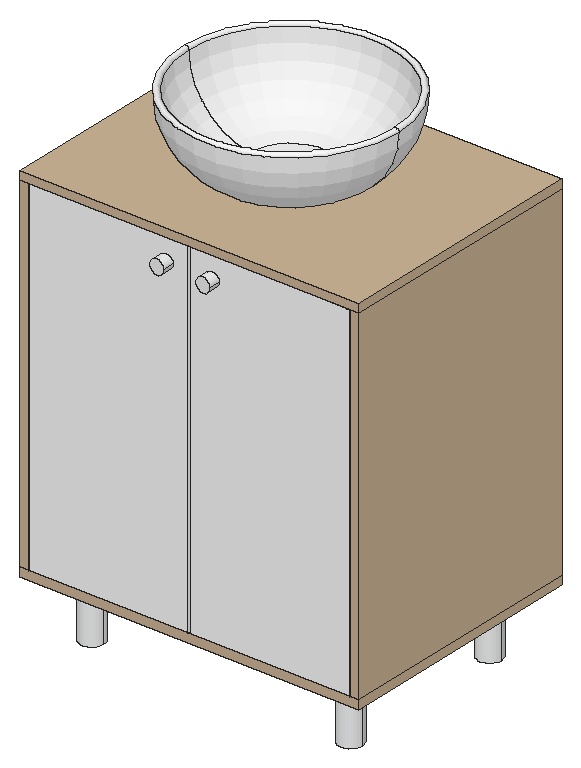
Revit family "147006811_Mueble Vital Vessel 60 cm a Piso con Lavamanos", category Furniture, Revit 2019
Family settings
  OmniClass Number = 23.31.13.11
  OmniClass Title = Single Sinks
  Work Plane-Based = No
  Always vertical = Yes
  Cut with Voids When Loaded = No
  Shared = No
  Room Calculation Point = No
Parameters
  URL = "https://corona.co/productos/muebles-para-banos/mueble-vital-vessel-60-cm-a-piso-con-lavamanos/p/147006811"
  Resistencia al rayado = "700 ciclos."  # constant formula
  Resistencia a la humedad = "8%."  # constant formula
  Peso Neto aprox = "39,2 lb (17,8 kg)."  # constant formula
  Peso Bruto aprox = "41,0 lb (18,6 kg)."  # constant formula
  Model = "Vital Vessel 60"  # constant formula
  Material = Corona_Madera_Aglomerada_Miel
  Manufacturer = "Corona"  # constant formula
  Manija = Corona_Aluminio
  Longitud = 450 mm
  Garantía Herraje = "1 Años"  # constant formula
  Garantía = "5 Años de garantia (Madera)"  # constant formula
  Fecha de creación = "30/07/2020"  # constant formula
  Description = "Mueble Vital con lavamanos Tipo Vessel a piso con diseño retro que combina\r\nmateriales, colores y texturas para dar armonía a tu baño.\r\n· Repisa Interna para mayor orden y almacenamiento.\r\n· Incluye patas niveladoras que por medio de giros permiten adaptar el\r\nmueble a las superficies no uniformes.\r\n· Resistentes a la humedad\r\n· Compatible con diferentes lavamanos tipo Vessel."  # constant formula
  Creado por = "IDD"  # constant formula
  Ancho = 600 mm
  Alto = 750 mm
  Acabado = Corona_Madera_Blanco
Reference planes
  plane 1 "Center (Front/Back)": y = 0
  plane 2: z = 0
  plane 3 "Center (Left/Right)": x = 0
  plane 4 "Center L/S": x = 300
  plane 5 "Center L/T": x = -300
  plane 6 "Center L/U": y = -450
  plane 7: z = 750
  plane 8: z = 121
  plane 9: z = 735
  plane 10: z = 106
  plane 11 "Center L/V": x = -285
  plane 12 "Center L/W": x = 285
  plane 13 "Center L/X": x = -2
  plane 14 "Center L/Y": x = 2
  plane 15 "Center L/Z": y = -435
  plane 16 "Center L/BB": y = -15
  plane 17 "Center L/CC": y = -225
  plane 18: z = 550
  plane 19: z = 450
Forms (mm)
  Extrusion 1, solid, material "Corona_Madera_Aglomerada_Miel" <- "Material", detail levels medium+fine
    sketch origin (0, 0, 0) x (1, 0, 0) y (0, 1, 0)
      loop
        line (-300, 0) -> (-300, -450) -> (-285, -450) -> (-285, 0) -> (-300, 0)
    from 121 to 735
  Extrusion 2, solid, material "Corona_Madera_Aglomerada_Miel" <- "Material", detail levels medium+fine
    sketch origin (0, 0, 0) x (1, 0, 0) y (0, 1, 0)
      loop
        line (-300, 0) -> (-300, -450) -> (300, -450) -> (300, 0) -> (-300, 0)
      loop
        circle (0, -225) r 50
    from 735 to 750
  Extrusion 3, solid, material "Corona_Madera_Aglomerada_Miel" <- "Material", detail levels medium+fine
    sketch origin (0, 0, 0) x (-1, 0, 0) y (0, -1, 0)
      loop
        line (-300, 0) -> (-285, 0) -> (-285, 450) -> (-300, 450) -> (-300, 0)
    from 121 to 735
  Extrusion 4, solid, material "Corona_Madera_Aglomerada_Miel" <- "Material", detail levels medium+fine
    sketch origin (0, 0, 0) x (1, 0, 0) y (0, 1, 0)
      loop
        line (-300, 0) -> (-300, -450) -> (300, -450) -> (300, 0) -> (-300, 0)
    from 106 to 121
  Extrusion 5, solid, material "Corona_Madera_Blanco" <- "Acabado", detail levels medium+fine
    sketch origin (0, 0, 0) x (1, 0, 0) y (0, 0, 1)
      loop
        line (-285, 735) -> (-285, 121) -> (-2, 121) -> (-2, 735) -> (-285, 735)
      loop
        line (285, 735) -> (2, 735) -> (2, 121) -> (285, 121) -> (285, 735)
    from 435 to 450
  Extrusion 6, solid, material "Corona_Aluminio" <- "Manija", detail levels medium+fine
    sketch origin (0, 0, 0) x (1, 0, 0) y (0, 0, 1)
      loop
        circle (-40.821, 697.164) r 12.51
      loop
        circle (40.821, 697.164) r 12.51
    from 450 to 470
  Extrusion 7, solid, material "Corona_Madera_Aglomerada_Miel" <- "Material", detail levels medium+fine
    sketch origin (0, 0, 0) x (1, 0, 0) y (0, 0, 1)
      loop
        line (285, 735) -> (-285, 735) -> (-285, 121) -> (285, 121) -> (285, 735)
    from 0 to 15
  Extrusion 8, solid, material "Corona_Aluminio" <- "Manija", detail levels medium+fine
    sketch origin (0, 0, 0) x (1, 0, 0) y (0, 1, 0)
      loop
        circle (-229, -379) r 21
      loop
        circle (229, -379) r 21
      loop
        circle (-229, -71) r 21
      loop
        circle (229, -71) r 21
    from 0 to 106
  Extrusion 9, solid, not visible
    sketch origin (0, 0, 0) x (1, 0, 0) y (0, 0, 1)
      loop
        circle (-87.767, 550) r 10
    from 0 to 1
  Extrusion 10, solid, not visible
    sketch origin (0, 0, 0) x (-1, 0, 0) y (0, 0, -1)
      loop
        circle (-87.767, -550) r 10
    from 0 to 1
  Extrusion 11, solid, not visible
    sketch origin (-87.767, 0, -100) x (-1, 0, 0) y (0, 0, -1)
      loop
        circle (-87.767, -550) r 10
    from 0 to 1
  Extrusion 12, solid, material "Corona_Madera_Aglomerada_Miel" <- "Material", detail levels coarse
    sketch origin (0, 0, 0) x (1, 0, 0) y (0, 1, 0)
      loop
        line (-300, 0) -> (-300, -450) -> (300, -450) -> (300, 0) -> (-300, 0)
    from 0 to 750
  Extrusion 13, solid, material "Corona_Madera_Blanco" <- "Acabado", detail levels coarse
    sketch origin (0, 0, 0) x (1, 0, 0) y (0, 1, 0)
      loop
        line (-191.588, -32.5) -> (-191.588, -417.5) -> (192.162, -417.5) -> (192.162, -32.5) -> (-191.588, -32.5)
    from 750 to 890
Dimensions and locks
  equal spacing: plane 5 "Center L/T", plane 3 "Center (Left/Right)", plane 4 "Center L/S"
  "Ancho": plane 5 "Center L/T" to plane 4 "Center L/S"
  "Longitud": plane 6 "Center L/U" to plane 1 "Center (Front/Back)"
  "Alto": plane 7 to plane 2
  plane 9 to plane 8 = 614 mm
  aligned and locked: level to plane 2
  aligned and locked: plane 5 "Center L/T" to Extrusion 1 sketch curve
  aligned and locked: Extrusion 1 sketch curve to plane 6 "Center L/U"
  aligned and locked: plane 1 "Center (Front/Back)" to Extrusion 1 sketch curve
  aligned and locked: Extrusion 1 to plane 8
  aligned and locked: Extrusion 2 sketch curve to plane 4 "Center L/S"
  aligned and locked: plane 5 "Center L/T" to Extrusion 2 sketch curve
  aligned and locked: plane 1 "Center (Front/Back)" to Extrusion 2 sketch curve
  aligned and locked: Extrusion 2 sketch curve to plane 6 "Center L/U"
  aligned and locked: plane 7 to Extrusion 2
  aligned and locked: Extrusion 1 to Extrusion 2
  aligned and locked: Extrusion 2 to plane 9
  aligned and locked: plane 9 to Extrusion 1
  aligned and locked: plane 9 to Extrusion 3
  aligned and locked: Extrusion 3 to plane 8
  aligned and locked: Extrusion 4 to plane 10
  aligned and locked: Extrusion 4 to Extrusion 1
  aligned and locked: plane 8 to Extrusion 5 sketch curve
  aligned and locked: Extrusion 5 sketch curve to plane 9
  aligned and locked: plane 11 "Center L/V" to Extrusion 5 sketch curve
  aligned and locked: Extrusion 5 sketch curve to plane 13 "Center L/X"
  aligned and locked: plane 12 "Center L/W" to Extrusion 5 sketch curve
  aligned and locked: Extrusion 5 sketch curve to plane 14 "Center L/Y"
  aligned and locked: Extrusion 5 sketch curve to plane 8
  aligned and locked: plane 9 to Extrusion 5 sketch curve
  aligned and locked: plane 12 "Center L/W" to Extrusion 5
  aligned and locked: Extrusion 5 to plane 11 "Center L/V"
  aligned and locked: Extrusion 5 to plane 15 "Center L/Z"
  aligned and locked: plane 6 "Center L/U" to Extrusion 5
  aligned and locked: Extrusion 6 to Extrusion 3
  aligned and locked: Extrusion 7 sketch curve to plane 9
  aligned and locked: Extrusion 7 sketch curve to plane 12 "Center L/W"
  aligned and locked: plane 8 to Extrusion 7 sketch curve
  aligned and locked: plane 11 "Center L/V" to Extrusion 7 sketch curve
  aligned and locked: Extrusion 7 to plane 1 "Center (Front/Back)"
  aligned and locked: plane 16 "Center L/BB" to Extrusion 7
  aligned and locked: Extrusion 8 to plane 2
  aligned and locked: plane 10 to Extrusion 8
  aligned and locked: plane 7 to nested 1
  aligned and locked: plane 3 "Center (Left/Right)" to nested 1
  aligned and locked: nested 1 to plane 17 "Center L/CC"
  aligned and locked: plane 5 "Center L/T" to Extrusion 12 sketch curve
  aligned and locked: Extrusion 12 sketch curve to plane 6 "Center L/U"
  aligned and locked: Extrusion 12 sketch curve to plane 4 "Center L/S"
  aligned and locked: plane 1 "Center (Front/Back)" to Extrusion 12 sketch curve
  aligned and locked: plane 7 to Extrusion 12
  aligned and locked: Extrusion 12 to plane 2
  aligned and locked: nested 3 to level
  aligned and locked: plane 3 "Center (Left/Right)" to nested 3
  aligned and locked: level to nested 4
  aligned and locked: plane 17 "Center L/CC" to nested 4
Automatic sketch dimensions
  Extrusion 2 sketch curve to plane 3 "Center (Left/Right)" = 0 mm
  plane 17 "Center L/CC" to Extrusion 2 sketch curve = 0 mm
  Extrusion 9 sketch curve to plane 18 = 0 mm
  Extrusion 9 sketch curve to plane 13 "Center L/X" = 85.767 mm
  Extrusion 10 sketch curve to plane 18 = 0 mm
  Extrusion 10 sketch curve to plane 14 "Center L/Y" = 85.767 mm
  Extrusion 11 sketch curve to plane 3 "Center (Left/Right)" = 0 mm
  Extrusion 11 sketch curve to plane 19 = 0 mm
  plane 6 "Center L/U" to Extrusion 1 sketch curve = 0 mm
  Extrusion 1 sketch curve to plane 11 "Center L/V" = 0 mm
  Extrusion 3 sketch curve to plane 4 "Center L/S" = 0 mm
  plane 6 "Center L/U" to Extrusion 3 sketch curve = 0 mm
  Extrusion 3 sketch curve to plane 12 "Center L/W" = 0 mm
  plane 1 "Center (Front/Back)" to Extrusion 3 sketch curve = 0 mm
  Extrusion 4 sketch curve to plane 5 "Center L/T" = 0 mm
  Extrusion 4 sketch curve to plane 4 "Center L/S" = 0 mm
  plane 6 "Center L/U" to Extrusion 4 sketch curve = 0 mm
  plane 1 "Center (Front/Back)" to Extrusion 4 sketch curve = 0 mm
  Extrusion 6 sketch curve to plane 13 "Center L/X" = 38.821 mm
  plane 14 "Center L/Y" to Extrusion 6 sketch curve = 38.821 mm
  Extrusion 6 sketch curve to plane 9 = 37.836 mm  (x2)
  plane 11 "Center L/V" to Extrusion 8 sketch curve = 56 mm  (x2)
  Extrusion 8 sketch curve to plane 12 "Center L/W" = 56 mm  (x2)
  Extrusion 8 sketch curve to plane 15 "Center L/Z" = 56 mm  (x2)
  plane 16 "Center L/BB" to Extrusion 8 sketch curve = 56 mm  (x2)
  Extrusion 13 sketch curve to plane 15 "Center L/Z" = 17.5 mm
  plane 11 "Center L/V" to Extrusion 13 sketch curve = 93.412 mm
  Extrusion 13 sketch curve to plane 12 "Center L/W" = 92.838 mm
  plane 16 "Center L/BB" to Extrusion 13 sketch curve = 17.5 mm
  radius of Extrusion 2 sketch curve = 50 mm
  radius of Extrusion 9 sketch curve = 10 mm
  radius of Extrusion 10 sketch curve = 10 mm
  radius of Extrusion 11 sketch curve = 10 mm
  radius of Extrusion 6 sketch curve = 12.51 mm  (x2)
  radius of Extrusion 8 sketch curve = 21 mm  (x4)
Nested families
  nested 1: "Lavamanos spazio 60" at (0, -37.5, 890), type "Lavamanos spazio 60", detail levels medium+fine
  nested 2: "planta1" at (0, -225, 0), type "planta1"
  nested 3: "Front1" at (0, 0, 375) x (1, 0, 0) z (0, -1, 0), type "Front1"
  nested 4: "Lateral2" at (0, -225, 375) x (0, 1, 0) z (1, 0, 0), type "Lateral2"
Connectors
  piping at (87.767, 0, 550), diameter 12.7
    settings: on Extrusion 10, index 1, connector inside diameter 609.6 mm, connector length 0 mm, flow factor 0, pipe flow 0.0 L/s, pressure drop 0.0 Pa, fitting loss kfactor 0, connector angle 0.00°, fixture units 0, engagement length 0 mm, angle of deflection 0.00°, flow configuration 0, flow direction 0, fitting loss method 0, system type 20, joint type 0, gender type 0, connector reference index -1, connector utility 0, adjustable connector no, is connector primary yes, connector description ""
  piping at (-87.767, 0, 550), diameter 12.7
    settings: on Extrusion 9, index 2, connector inside diameter 609.6 mm, connector length 0 mm, flow factor 0, pipe flow 0.0 L/s, pressure drop 0.0 Pa, fitting loss kfactor 0, connector angle 0.00°, fixture units 0, engagement length 0 mm, angle of deflection 0.00°, flow configuration 0, flow direction 0, fitting loss method 0, system type 19, joint type 0, gender type 0, connector reference index -1, connector utility 0, adjustable connector no, is connector primary no, connector description ""
  piping at (0, 0, 450), diameter 38.1
    settings: on Extrusion 11, index 3, connector inside diameter 609.6 mm, connector length 0 mm, flow factor 0, pipe flow 0.0 L/s, pressure drop 0.0 Pa, fitting loss kfactor 0, connector angle 0.00°, fixture units 0, engagement length 0 mm, angle of deflection 0.00°, flow configuration 0, flow direction 0, fitting loss method 0, system type 16, joint type 0, gender type 0, connector reference index -1, connector utility 0, adjustable connector no, is connector primary no, connector description ""
  piping at (0, -225, 750.586), diameter 38.1
    settings: on nested 1, index 4, connector inside diameter 609.6 mm, connector length 0 mm, flow factor 0, pipe flow 0.0 L/s, pressure drop 0.0 Pa, fitting loss kfactor 0, connector angle 0.00°, fixture units 0, engagement length 0 mm, angle of deflection 0.00°, flow configuration 0, flow direction 0, fitting loss method 0, system type 16, joint type 0, gender type 0, connector reference index -1, connector utility 0, adjustable connector no, is connector primary no, connector description ""
Definition of nested family "Lavamanos spazio 60"
  Parameters (values of type "Lavamanos spazio 60")
    Material = none
    Longitud = 375 mm
    Ancho = 375 mm
  Reference planes
    plane 1 "Center (Front/Back)": y = 0
    plane 2: z = 0
    plane 3 "Center (Left/Right)": x = 0
    plane 4 "Center L/S": x = 187.5
    plane 5 "Center L/T": x = -187.5
    plane 6: z = -140
    plane 7 "Center L/U": y = -375
    plane 8: y = -187.5
  Forms (mm)
    Sweep 1, solid, material <- "Material"
      path origin (0, 0, 0) x (1, 0, 0) y (0, 1, 0)
        loop
          circle (0, -187.5) r 187.5
      profile origin (0, 0, 0) x (0, -1, 0) y (0, 0, 1)
        loop
          arc (5.929, -4.966) -> (0.921, 0.043) -> (-4.088, -4.966) r 5.009
          arc (-4.088, -4.966) -> (30.182, -94.981) -> (115.64, -139.414) r 135.353
          line (115.64, -139.414) -> (150.806, -139.414) -> (150.806, -129.414) -> (116.31, -129.414)
          arc (116.31, -129.414) -> (37.501, -88.14) -> (5.929, -4.966) r 125.345
  Dimensions and locks
    equal spacing: plane 5 "Center L/T", plane 3 "Center (Left/Right)", plane 4 "Center L/S"
    "Ancho": plane 5 "Center L/T" to plane 4 "Center L/S"
    locked: plane 2 to plane 6 at 140
    "Longitud": plane 7 "Center L/U" to plane 1 "Center (Front/Back)"
    equal spacing: plane 7 "Center L/U", plane 8, plane 1 "Center (Front/Back)"
    aligned and locked: level to plane 2
  Automatic sketch dimensions
    Sweep 1 sketch curve to plane 3 "Center (Left/Right)" = 0 mm
    Sweep 1 sketch curve to plane 8 = 0 mm
    Sweep 1 sketch curve to profile plane = 0.921 mm
    Sweep 1 sketch curve to profile plane = 115.64 mm
    Sweep 1 sketch curve to Sweep 1 sketch curve = 0.671 mm
    Sweep 1 sketch curve to level = 4.966 mm
    Sweep 1 sketch curve to Sweep 1 sketch curve = 14.955 mm
    Sweep 1 sketch curve to Sweep 1 sketch curve = 0.009 mm
    Sweep 1 sketch curve to Sweep 1 sketch curve = 35.166 mm
    Sweep 1 sketch curve to Sweep 1 sketch curve = 124.448 mm
    Sweep 1 sketch curve to Sweep 1 sketch curve = 10 mm
    Sweep 1 sketch curve to Sweep 1 sketch curve = 0 mm
    radius of Sweep 1 sketch curve = 187.5 mm
  Nested families
    nested 1: "Canastilla" at (0, -187.5, -154.729), type "Canastilla"
  Definition of nested family "Canastilla"
    Parameters (values of type "Canastilla")
      Material = none
    Reference planes
      plane 1 "Center (Front/Back)": y = 0
      plane 2: z = 0
      plane 3 "Center (Left/Right)": x = 0
    Forms (mm)
      Revolve 1, solid
        sketch origin (0, 0, 0) x (1, 0, 0) y (0, 0, 1)
          loop
            line (-26.595, 26.918) -> (-38.5, 26.918) -> (-38.5, 25.314) -> (-36.628, 25.314) -> (-36.628, 24.512) -> (-33.153, 24.512) -> (-33.153, 21.838) -> (-30.977, 15.519) -> (-28.87, 15.147) -> (-28.87, 11.939) -> (-27.713, 11.27) -> (-27.713, 9.934) -> (-26.865, 9.934) -> (-26.865, 7.388) -> (-17.652, 3.286) -> (-16.315, 3.286) -> (-15.184, 0) -> (0, 0) -> (0, 21.204) -> (-5.81, 21.204)
            arc (-5.81, 21.204) -> (-6.163, 21.058) -> (-6.31, 20.704) r 0.5
            line (-6.31, 20.704) -> (-6.31, 19.645)
            arc (-6.31, 19.645) -> (-6.163, 19.292) -> (-5.81, 19.145) r 0.5
            line (-5.81, 19.145) -> (-3.119, 19.145) -> (-3.119, 18.241) -> (-4.218, 18.241) -> (-4.821, 14.686) -> (-19.481, 14.686)
            arc (-19.481, 14.686) -> (-20.699, 15.099) -> (-21.413, 16.168) r 2
            line (-21.413, 16.168) -> (-23.698, 24.695)
            arc (-23.698, 24.695) -> (-24.769, 26.298) -> (-26.595, 26.918) r 3
          axis (0, 26.918) -> (0, 0)
        angle from 0 to 360
    Dimensions and locks
      aligned and locked: level to plane 2
      aligned and locked: Revolve 1 sketch curve to plane 3 "Center (Left/Right)"
      aligned and locked: Revolve 1 sketch curve to plane 2
Definition of nested family "planta1"
  Parameters (values of type "planta1")
    Longitud = 450 mm
    Ancho = 600 mm
  Reference planes
    plane 1 "Center (Front/Back)": y = 0
    plane 2: z = 0
    plane 3 "Center (Left/Right)": x = 0
    plane 4 "Center (F/C": x = 300
    plane 5 "Center (F/D": x = -300
    plane 6 "Center (F/E": y = -225
    plane 7 "Center (F/F": y = 225
  Lines and regions (mm)
    detail lines, in view "Ref. Level"
      curve 1: line (-300, 225, 0) -> (300, 225, 0)
      curve 2: line (-300, -225, 0) -> (-300, 225, 0)
      curve 3: line (300, -225, 0) -> (-300, -225, 0)
      curve 4: line (300, 225, 0) -> (300, -225, 0)
      curve 5: line (-53.331, -245, 0) -> (-28.331, -245, 0)
      curve 6: line (-53.331, -245, 0) -> (-53.331, -225, 0)
      curve 7: line (53.331, -245, 0) -> (53.331, -225, 0)
      curve 8: line (28.331, -245, 0) -> (28.331, -225, 0)
      curve 9: line (-28.331, -245, 0) -> (-28.331, -225, 0)
      curve 10: line (28.331, -245, 0) -> (53.331, -245, 0)
      curve 11: circle (0, 0, 0) r 191.588 normal (0, 0, 1)
      curve 12: circle (0, 0, 0) r 181.577 normal (0, 0, 1)
      curve 13: circle (0, 0, 0) r 38.5 normal (0, 0, 1)
      curve 14: circle (0, 0, 0) r 17.652 normal (0, 0, 1)
  Dimensions and locks
    equal spacing: plane 5 "Center (F/D", plane 3 "Center (Left/Right)", plane 4 "Center (F/C"
    "Ancho": plane 5 "Center (F/D" to plane 4 "Center (F/C"
    equal spacing: plane 6 "Center (F/E", plane 1 "Center (Front/Back)", plane 7 "Center (F/F"
    "Longitud": plane 6 "Center (F/E" to plane 7 "Center (F/F"
  Automatic sketch dimensions
    curve 11 to curve 12 = 0 mm  (x2)
    curve 11 to curve 13 = 0 mm
    curve 11 to curve 14 = 0 mm
    curve 12 to curve 13 = 0 mm
    curve 13 to curve 14 = 0 mm
    curve 3 to plane 5 "Center (F/D" = 0 mm
    curve 13 to plane 3 "Center (Left/Right)" = 0 mm
    curve 3 to plane 4 "Center (F/C" = 0 mm
    curve 11 to plane 6 "Center (F/E" = 225 mm
    curve 1 to plane 1 "Center (Front/Back)" = 225 mm
    curve 6 to plane 3 "Center (Left/Right)" = 53.331 mm
    curve 6 to curve 9 = 25 mm
    plane 3 "Center (Left/Right)" to curve 8 = 28.331 mm
    curve 8 to curve 10 = 25 mm
    plane 6 "Center (F/E" to curve 2 = 0 mm
    curve 10 to curve 7 = 20 mm
    curve 5 to curve 6 = 20 mm
    radius of curve 11 = 191.588 mm
    radius of curve 12 = 181.577 mm
    radius of curve 13 = 38.5 mm
    radius of curve 14 = 17.652 mm
Definition of nested family "Front1"
  Parameters (values of type "Front1")
    Longitud = 750 mm
    Ancho = 600 mm
  Reference planes
    plane 1 "Center (Front/Back)": y = 0
    plane 2: z = 0
    plane 3 "Center (Left/Right)": x = 0
    plane 4 "Center (F/C": x = 300
    plane 5 "Center (F/D": x = -300
    plane 6 "Center (F/E": y = -375
    plane 7 "Center (F/F": y = 375
    plane 8 "Center (F/G": y = -269
  Lines and regions (mm)
    detail lines, in view "Ref. Level"
      curve 1: line (-300, 375, 0) -> (300, 375, 0)
      curve 2: line (-300, 360, 0) -> (-300, 375, 0)
      curve 3: line (300, 360, 0) -> (-300, 360, 0)
      curve 4: line (300, 375, 0) -> (300, 360, 0)
      curve 5: line (-300, -269, 0) -> (300, -269, 0)
      curve 6: line (-300, -254, 0) -> (-300, -269, 0)
      curve 7: line (300, -254, 0) -> (-300, -254, 0)
      curve 8: line (300, -269, 0) -> (300, -254, 0)
      curve 9: line (-300, 360, 0) -> (-285, 360, 0)
      curve 10: line (-300, -254, 0) -> (-300, 360, 0)
      curve 11: line (-285, -254, 0) -> (-300, -254, 0)
      curve 12: line (-285, 360, 0) -> (-285, -254, 0)
      curve 13: line (300, 360, 0) -> (285, 360, 0)
      curve 14: line (300, -254, 0) -> (300, 360, 0)
      curve 15: line (285, -254, 0) -> (300, -254, 0)
      curve 16: line (285, 360, 0) -> (285, -254, 0)
      curve 17: line (-187.5, 515, 0) -> (187.5, 515, 0)
      curve 18: line (-71.85, 375, 0) -> (71.85, 375, 0)
      curve 19: arc (-187.5, 515, 0) -> (-157.008, 422.421, 0) -> (-71.85, 375, 0) r 133.99
      curve 20: arc (187.5, 515, 0) -> (157.008, 422.421, 0) -> (71.85, 375, 0) r 133.99
      curve 21: line (-2, 360, 0) -> (-2, -254, 0)
      curve 22: line (2, 360, 0) -> (2, -254, 0)
      curve 23: circle (-40.8, 334.7, 0) r 12.5 normal (0, 0, 1)
      curve 24: circle (40.8, 334.7, 0) r 12.5 normal (0, 0, -1)
      curve 25: line (-250, -269, 0) -> (-250, -375, 0)
      curve 26: line (-250, -375, 0) -> (-208, -375, 0)
      curve 27: line (-208, -375, 0) -> (-208, -269, 0)
      curve 28: line (250, -269, 0) -> (250, -375, 0)
      curve 29: line (250, -375, 0) -> (208, -375, 0)
      curve 30: line (208, -375, 0) -> (208, -269, 0)
  Dimensions and locks
    equal spacing: plane 5 "Center (F/D", plane 3 "Center (Left/Right)", plane 4 "Center (F/C"
    "Ancho": plane 5 "Center (F/D" to plane 4 "Center (F/C"
    equal spacing: plane 6 "Center (F/E", plane 1 "Center (Front/Back)", plane 7 "Center (F/F"
    "Longitud": plane 6 "Center (F/E" to plane 7 "Center (F/F"
  Automatic sketch dimensions
    curve 1 to plane 5 "Center (F/D" = 0 mm
    plane 6 "Center (F/E" to curve 25 = 0 mm
    plane 8 "Center (F/G" to curve 25 = 0 mm
    plane 7 "Center (F/F" to curve 19 = 0 mm
    plane 6 "Center (F/E" to curve 30 = 0 mm
    curve 8 to plane 4 "Center (F/C" = 0 mm
    plane 7 "Center (F/F" to curve 1 = 0 mm
    plane 5 "Center (F/D" to curve 12 = 15 mm
    plane 5 "Center (F/D" to curve 25 = 50 mm
    curve 25 to curve 27 = 42 mm
    plane 5 "Center (F/D" to curve 17 = 112.5 mm
    curve 18 to plane 3 "Center (Left/Right)" = 71.85 mm
    curve 19 to plane 3 "Center (Left/Right)" = 53.706 mm
    curve 23 to plane 3 "Center (Left/Right)" = 40.8 mm
    plane 3 "Center (Left/Right)" to curve 24 = 40.8 mm
    plane 3 "Center (Left/Right)" to curve 20 = 53.706 mm
    curve 24 to curve 18 = 31.05 mm
    curve 17 to plane 4 "Center (F/C" = 112.5 mm
    curve 30 to plane 4 "Center (F/C" = 92 mm
    curve 29 to plane 4 "Center (F/C" = 50 mm
    curve 15 to plane 4 "Center (F/C" = 15 mm
    curve 8 to plane 8 "Center (F/G" = 15 mm
    plane 7 "Center (F/F" to curve 24 = 40.3 mm
    plane 7 "Center (F/F" to curve 23 = 40.3 mm
    plane 7 "Center (F/F" to curve 13 = 15 mm
    curve 20 to curve 20 = 132.756 mm
    curve 21 to plane 3 "Center (Left/Right)" = 2 mm
    plane 3 "Center (Left/Right)" to curve 22 = 2 mm
    radius of curve 23 = 12.5 mm
    radius of curve 24 = 12.5 mm
Definition of nested family "Lateral2"
  Parameters (values of type "Lateral2")
    Longitud = 750 mm
    Ancho = 450 mm
  Reference planes
    plane 1 "Center (Front/Back)": y = 0
    plane 2: z = 0
    plane 3 "Center (Left/Right)": x = 0
    plane 4 "Center (F/C": x = 225
    plane 5 "Center (F/D": x = -225
    plane 6 "Center (F/E": y = -375
    plane 7 "Center (F/F": y = 375
    plane 8 "Center (F/G": y = -269
  Lines and regions (mm)
    detail lines, in view "Ref. Level"
      curve 1: line (-225, 375, 0) -> (225, 375, 0)
      curve 2: line (-225, 360, 0) -> (-225, 375, 0)
      curve 3: line (225, 360, 0) -> (-225, 360, 0)
      curve 4: line (225, 375, 0) -> (225, 360, 0)
      curve 5: line (-225, -269, 0) -> (225, -269, 0)
      curve 6: line (-225, -254, 0) -> (-225, -269, 0)
      curve 7: line (225, -254, 0) -> (-225, -254, 0)
      curve 8: line (225, -269, 0) -> (225, -254, 0)
      curve 9: line (-225, 360, 0) -> (-210, 360, 0)
      curve 10: line (-225, -254, 0) -> (-225, 360, 0)
      curve 11: line (-210, -254, 0) -> (-225, -254, 0)
      curve 12: line (-210, 360, 0) -> (-210, -254, 0)
      curve 13: line (225, 360, 0) -> (210, 360, 0)
      curve 14: line (225, -254, 0) -> (225, 360, 0)
      curve 15: line (210, -254, 0) -> (225, -254, 0)
      curve 16: line (210, 360, 0) -> (210, -254, 0)
      curve 17: line (-175, -269, 0) -> (-175, -375, 0)
      curve 18: line (-175, -375, 0) -> (-133, -375, 0)
      curve 19: line (-133, -375, 0) -> (-133, -269, 0)
      curve 20: line (175, -269, 0) -> (175, -375, 0)
      curve 21: line (175, -375, 0) -> (133, -375, 0)
      curve 22: line (133, -375, 0) -> (133, -269, 0)
      curve 23: line (-187.5, 515, 0) -> (187.5, 515, 0)
      curve 24: line (-71.85, 375, 0) -> (71.85, 375, 0)
      curve 25: arc (-187.5, 515, 0) -> (-157.008, 422.421, 0) -> (-71.85, 375, 0) r 133.99
      curve 26: arc (187.5, 515, 0) -> (157.008, 422.421, 0) -> (71.85, 375, 0) r 133.99
      curve 27: line (-225, 347.2, 0) -> (-245, 347.2, 0)
      curve 28: line (-225, 322.2, 0) -> (-245, 322.2, 0)
      curve 29: line (-245, 322.2, 0) -> (-245, 347.2, 0)
  Dimensions and locks
    equal spacing: plane 5 "Center (F/D", plane 3 "Center (Left/Right)", plane 4 "Center (F/C"
    "Ancho": plane 5 "Center (F/D" to plane 4 "Center (F/C"
    equal spacing: plane 6 "Center (F/E", plane 1 "Center (Front/Back)", plane 7 "Center (F/F"
    "Longitud": plane 6 "Center (F/E" to plane 7 "Center (F/F"
  Automatic sketch dimensions
    curve 3 to plane 5 "Center (F/D" = 0 mm
    plane 8 "Center (F/G" to curve 17 = 0 mm
    plane 6 "Center (F/E" to curve 18 = 0 mm
    plane 7 "Center (F/F" to curve 25 = 0 mm
    plane 6 "Center (F/E" to curve 22 = 0 mm
    curve 15 to plane 4 "Center (F/C" = 0 mm
    plane 7 "Center (F/F" to curve 1 = 0 mm
    plane 5 "Center (F/D" to curve 12 = 15 mm
    plane 5 "Center (F/D" to curve 23 = 37.5 mm
    plane 5 "Center (F/D" to curve 18 = 50 mm
    curve 17 to curve 18 = 42 mm
    curve 24 to plane 3 "Center (Left/Right)" = 71.85 mm
    curve 25 to plane 3 "Center (Left/Right)" = 53.706 mm
    plane 3 "Center (Left/Right)" to curve 26 = 53.706 mm
    plane 3 "Center (Left/Right)" to curve 24 = 71.85 mm
    curve 22 to plane 4 "Center (F/C" = 92 mm
    curve 21 to curve 21 = 42 mm
    curve 23 to plane 4 "Center (F/C" = 37.5 mm
    curve 16 to curve 3 = 15 mm
    curve 8 to plane 8 "Center (F/G" = 15 mm
    plane 7 "Center (F/F" to curve 16 = 15 mm
    curve 26 to curve 26 = 132.756 mm
    curve 28 to curve 2 = 37.8 mm
    curve 27 to curve 2 = 12.8 mm
    curve 29 to curve 27 = 20 mm
